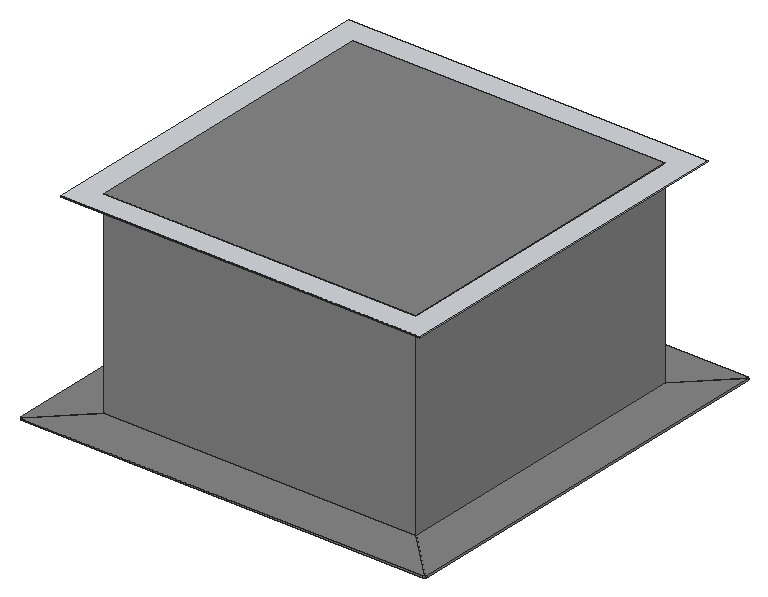
Revit family "НЕВАТОМ_Стакaн монтажный SMK_20240620", category Арматура воздуховодов, Revit 2019
Family settings
  Размер круглого соединителя = Использовать диаметр
  Тип детали = Присоединяется
  На основе рабочей плоскости = Нет
  Всегда вертикально = Да
  При загрузке вырезать с полостями = Нет
  Общий = Нет
Parameters (values of type "SMK-090")
  Сравнение материалов = if(НЕВАТОМ_Материал_Оцинкованная сталь, 0 mm, 1 mm)  # 0 mm
  НЕВАТОМ_Материал_Оцинкованная сталь = yes
  НЕВАТОМ_Материал_Нержавеющая сталь = and(not(НЕВАТОМ_Материал_Оцинкованная сталь))  # no
  НЕВАТОМ_Исполнение по конструкции = 0 mm
  НЕВАТОМ_Исполнение по комплектующим = 0 mm
  Материал = Оцинкованная сталь
  Ключевая пометка = "Вентиляция"
  КСИ = ""
  Nevatom_URL = "https://t.me/NEVATOM_Bim_bot"
  L2 = 1177 mm
  L1 = 1021 mm
  L = 1005 mm
  H = 649 mm
  D = 900 mm
  B = 1331 mm
  ADSK_Размер_Ширина = B  # 1331 mm
  ADSK_Размер_Длина = B  # 1331 mm
  ADSK_Размер_Высота = H  # 649 mm
  ADSK_Примечание = ""
  ADSK_Позиция = ""
  ADSK_Наименование = "Стакан монтажный"  # constant formula
  ADSK_Материал наименование = "Оцинкованная сталь"  # constant formula
  ADSK_Масса_Текст = "87.0 кг"
  ADSK_Масса = 87
  ADSK_Марка = size_lookup("SMKv20062024", "", "нет в каталоге", D, НЕВАТОМ_Исполнение по конструкции, НЕВАТОМ_Исполнение по комплектующим, Сравнение материалов)  # "SMK-090-000-0-0"
  ADSK_Количество = 1  # constant formula
  ADSK_Код изделия = ""
  ADSK_Завод-изготовитель = "НЕВАТОМ"  # constant formula
  ADSK_Единица измерения = "шт."  # constant formula
  A = 921 mm
Types (12, lengths in mm): name | Сравнение материалов | НЕВАТОМ_Материал_Оцинкованная сталь | НЕВАТОМ_Материал_Нержавеющая сталь | НЕВАТОМ_Исполнение по конструкции | НЕВАТОМ_Исполнение по комплектующим | L2 | L1 | L | H | D | B | ADSK_Размер_Ширина | ADSK_Размер_Длина | ADSK_Размер_Высота | ADSK_Масса_Текст | ADSK_Масса | ADSK_Марка | A
  SMK-031 | 0 | yes | no | 2 | 3 | 602 | 500 | 440 | 649 | 315 | 800 | 800 | 800 | 649 | "40.0 кг" | 40 | "SMK-031-023-0-0" | 400
  SMK-125 | 0 | yes | no | 2 | 0 | 1698 | 1535 | 1550 | 676 | 1250 | 1845 | 1845 | 1845 | 676 | "136.0 кг" | 136 | "SMK-125-020-0-0" | 1435
  SMK-040 | 0 | yes | no | 0 | 0 | 675 | 570 | 530 | 649 | 400 | 868 | 868 | 868 | 649 | "43.0 кг" | 43 | "SMK-040-000-0-0" | 470
  SMK-050 | 0 | yes | no | 0 | 0 | 795 | 690 | 630 | 649 | 500 | 1000 | 1000 | 1000 | 649 | "53.0 кг" | 53 | "SMK-050-000-0-0" | 590
  SMK-063 | 0 | yes | no | 0 | 0 | 915 | 815 | 755 | 649 | 630 | 1125 | 1125 | 1125 | 649 | "66.0 кг" | 66 | "SMK-063-000-0-0" | 715
  SMK-080 | 0 | yes | no | 0 | 0 | 1177 | 1021 | 1005 | 649 | 800 | 1331 | 1331 | 1331 | 649 | "87.0 кг" | 87 | "SMK-080-000-0-0" | 921
  SMK-100 | 0 | yes | no | 0 | 0 | 1463 | 1305 | 1280 | 649 | 1000 | 1615 | 1615 | 1615 | 649 | "103.0 кг" | 103 | "SMK-100-000-0-0" | 1205
  SMK-035 | 1 | no | yes | 3 | 4 | 605 | 500 | 480 | 649 | 355 | 800 | 800 | 800 | 649 | "39.0 кг" | 39 | "SMK-035-034-1-0" | 400
  SMK-045 | 0 | yes | no | 0 | 0 | 675 | 570 | 580 | 649 | 450 | 868 | 868 | 868 | 649 | "42.0 кг" | 42 | "SMK-045-000-0-0" | 470
  SMK-071 | 0 | yes | no | 0 | 0 | 915 | 815 | 840 | 649 | 710 | 1125 | 1125 | 1125 | 649 | "65.0 кг" | 65 | "SMK-071-000-0-0" | 715
  SMK-056 | 0 | yes | no | 0 | 0 | 795 | 690 | 690 | 649 | 560 | 1000 | 1000 | 1000 | 649 | "52.0 кг" | 52 | "SMK-056-000-0-0" | 590
  SMK-090 | 0 | yes | no | 0 | 0 | 1177 | 1021 | 1005 | 649 | 900 | 1331 | 1331 | 1331 | 649 | "87.0 кг" | 87 | "SMK-090-000-0-0" | 921
Reference planes
  plane 1 "По центру (Вперед/Назад)": y = 0
  plane 2: z = 0
  plane 3 "По центру (Влево/Вправо)": x = 0
  plane 4: x = -665.5
  plane 5: x = 665.5
  plane 6: y = 665.5
  plane 7: y = -665.5
  plane 8: z = 5
  plane 9: x = -510.5
  plane 10: x = 510.5
  plane 11: y = 510.5
  plane 12: y = -510.5
  plane 13: z = 649
Forms (mm)
  Extrusion 1, void, not visible
    sketch origin (-345, -245, 50) x (0, -1, 0) y (0, 0, -1)
      loop
        line (-477.965, -475) -> (-477.965, -450) -> (-528.913, -450) -> (-528.913, -475) -> (-477.965, -475)
    from -47.452 to 12
  Extrusion 2, solid, material "Оцинкованная сталь" <- "Материал", detail levels medium+fine
    sketch origin (0, 0, 0) x (1, 0, 0) y (0, 1, 0)
      loop
        arc (-665.5, -658.257) -> (-663.648, -661.029) -> (-660.379, -660.379) r 3
        line (-660.379, -660.379) -> (-510.5, -510.5) -> (-510.5, 510.5) -> (-660.379, 660.379)
        arc (-660.379, 660.379) -> (-663.648, 661.029) -> (-665.5, 658.257) r 3
        line (-665.5, 658.257) -> (-665.5, -658.257)
    from 0 to 5
  Extrusion 3, solid, material "Оцинкованная сталь" <- "Материал", detail levels medium+fine
    sketch origin (0, 0, 0) x (1, 0, 0) y (0, 1, 0)
      loop
        line (-510.5, 510.5) -> (-510.5, -510.5) -> (510.5, -510.5) -> (510.5, 510.5) -> (-510.5, 510.5)
    from 0 to 649
  Extrusion 4, solid, material "Оцинкованная сталь" <- "Материал", detail levels medium+fine
    sketch origin (0, 0, 0) x (1, 0, 0) y (0, 1, 0)
      loop
        line (658.257, 665.5) -> (-658.257, 665.5)
        arc (-658.257, 665.5) -> (-661.029, 663.648) -> (-660.379, 660.379) r 3
        line (-660.379, 660.379) -> (-510.5, 510.5) -> (510.5, 510.5) -> (660.379, 660.379)
        arc (660.379, 660.379) -> (661.029, 663.648) -> (658.257, 665.5) r 3
    from 0 to 5
  Extrusion 5, solid, material "Оцинкованная сталь" <- "Материал", detail levels medium+fine
    sketch origin (0, 0, 0) x (1, 0, 0) y (0, 1, 0)
      loop
        line (665.5, -658.257) -> (665.5, 658.257)
        arc (665.5, 658.257) -> (663.648, 661.029) -> (660.379, 660.379) r 3
        line (660.379, 660.379) -> (510.5, 510.5) -> (510.5, -510.5) -> (660.379, -660.379)
        arc (660.379, -660.379) -> (663.648, -661.029) -> (665.5, -658.257) r 3
    from 0 to 5
  Extrusion 6, solid, material "Оцинкованная сталь" <- "Материал", detail levels medium+fine
    sketch origin (0, 0, 0) x (1, 0, 0) y (0, 1, 0)
      loop
        line (-658.257, -665.5) -> (658.257, -665.5)
        arc (658.257, -665.5) -> (661.029, -663.648) -> (660.379, -660.379) r 3
        line (660.379, -660.379) -> (510.5, -510.5) -> (-510.5, -510.5) -> (-660.379, -660.379)
        arc (-660.379, -660.379) -> (-661.029, -663.648) -> (-658.257, -665.5) r 3
    from 0 to 5
  Extrusion 7, solid, detail levels medium+fine
    sketch origin (0, 0, 0) x (1, 0, 0) y (0, 1, 0)
      loop
        line (-588.5, 588.5) -> (-588.5, -588.5) -> (588.5, -588.5) -> (588.5, 588.5) -> (-588.5, 588.5)
    from 646.175 to 649
Lines and regions (mm)
  model lines, not visible, detail levels coarse
    curve 1: circle (0, 0, 0) r 135 normal (0, 0, 1)
    curve 2: line (-135, 0, 0) -> (43.681, 127.738, 0)
    curve 3: line (-135, 0, 0) -> (43.681, -127.738, 0)
    curve 4: line (43.681, 127.738, 0) -> (43.681, -127.738, 0)
  model lines, not visible, detail levels medium
    curve 5: circle (0, 0, 0) r 90 normal (0, -1, 0)
    curve 6: line (-90, 0, 0) -> (39.046, 0, 81.089)
    curve 7: line (-90, 0, 0) -> (39.046, 0, -81.089)
    curve 8: line (39.046, 0, 81.089) -> (39.046, 0, -81.089)
Dimensions and locks
  equal spacing: plane 4, plane 3 "По центру (Влево/Вправо)", plane 5
  "B": plane 4 to plane 5
  equal spacing: plane 6, plane 1 "По центру (Вперед/Назад)", plane 7
  "B": plane 6 to plane 7
  locked: plane 8 to level at 5
  equal spacing: plane 11, plane 1 "По центру (Вперед/Назад)", plane 12
  "L1": plane 11 to plane 12
  equal spacing: plane 9, plane 3 "По центру (Влево/Вправо)", plane 10
  "L1": plane 9 to plane 10
  "H": plane 13 to level
  equal spacing: Extrusion 7 sketch curve, plane 3 "По центру (Влево/Вправо)", Extrusion 7 sketch curve
  "L2": Extrusion 7 sketch curve to Extrusion 7 sketch curve  (x2)
  equal spacing: Extrusion 7 sketch curve, plane 1 "По центру (Вперед/Назад)", Extrusion 7 sketch curve
  locked: plane 13 to Extrusion 7 at 2.825
  aligned and locked: level to plane 2
  aligned and locked: Extrusion 2 sketch curve to plane 4
  aligned and locked: Extrusion 2 to level
  aligned and locked: plane 8 to Extrusion 2
  aligned and locked: Extrusion 3 sketch curve to plane 11
  aligned and locked: plane 9 to Extrusion 3 sketch curve
  aligned and locked: plane 12 to Extrusion 3 sketch curve
  aligned and locked: plane 10 to Extrusion 3 sketch curve
  aligned and locked: plane 13 to Extrusion 3
  aligned and locked: plane 6 to Extrusion 4 sketch curve
  aligned and locked: plane 5 to Extrusion 5 sketch curve
  aligned and locked: Extrusion 6 sketch curve to plane 7
  aligned and locked: Extrusion 6 to level
  aligned and locked: Extrusion 6 to Extrusion 2
  aligned and locked: Extrusion 5 to level
  aligned and locked: Extrusion 5 to Extrusion 2
  aligned and locked: Extrusion 4 to level
  aligned and locked: Extrusion 4 to Extrusion 2
  aligned and locked: Extrusion 3 to level
  aligned and locked: Extrusion 4 sketch curve to Extrusion 3
  aligned and locked: Extrusion 6 sketch curve to Extrusion 3
  aligned and locked: Extrusion 5 sketch curve to Extrusion 3
  aligned and locked: Extrusion 2 sketch curve to Extrusion 3
  aligned and locked: Extrusion 7 to Extrusion 3
  aligned and locked: plane 3 "По центру (Влево/Вправо)" to nested 2
  aligned and locked: nested 2 to level
Automatic sketch dimensions
  Extrusion 4 sketch curve to plane 9 = 0 mm
  Extrusion 4 sketch curve to plane 6 = 3 mm  (x2)
  Extrusion 4 sketch curve to Extrusion 4 sketch curve = 2.121 mm  (x2)
  Extrusion 4 sketch curve to plane 4 = 7.243 mm
  Extrusion 4 sketch curve to plane 5 = 7.243 mm
  Extrusion 4 sketch curve to plane 10 = 0 mm
  Extrusion 6 sketch curve to plane 10 = 0 mm
  Extrusion 6 sketch curve to plane 4 = 7.243 mm
  Extrusion 6 sketch curve to Extrusion 6 sketch curve = 2.121 mm  (x2)
  plane 7 to Extrusion 6 sketch curve = 3 mm
  Extrusion 6 sketch curve to Extrusion 6 sketch curve = 3 mm
  Extrusion 6 sketch curve to plane 5 = 7.243 mm
  Extrusion 6 sketch curve to plane 9 = 0 mm
  Extrusion 5 sketch curve to plane 12 = 0 mm
  Extrusion 5 sketch curve to plane 5 = 5.121 mm  (x2)
  Extrusion 5 sketch curve to Extrusion 5 sketch curve = 3 mm
  Extrusion 5 sketch curve to Extrusion 5 sketch curve = 2.121 mm
  Extrusion 5 sketch curve to plane 6 = 7.243 mm
  plane 7 to Extrusion 5 sketch curve = 7.243 mm
  Extrusion 5 sketch curve to plane 11 = 0 mm
  Extrusion 2 sketch curve to plane 11 = 0 mm
  Extrusion 2 sketch curve to plane 4 = 3 mm  (x2)
  Extrusion 2 sketch curve to Extrusion 2 sketch curve = 2.121 mm  (x2)
  Extrusion 2 sketch curve to Extrusion 2 sketch curve = 0 mm
  Extrusion 2 sketch curve to plane 6 = 7.243 mm
  plane 7 to Extrusion 2 sketch curve = 7.243 mm
  Extrusion 2 sketch curve to plane 12 = 0 mm
Nested families
  nested 1: "крепление 15мм" at (-330, 229.965, 495), type "крепление 15мм", not visible
  nested 2: "НЕВАТОМ_УГО_Стакан" at (0, 0, 206.014), B <- "L1", Н <- "H", type "НЕВАТОМ_УГО_Стакан", detail levels coarse
    with Н 649 mm, B 1021 mm
Connectors
  hvac at (0, 0, 649), driven by "D"
    settings: on Extrusion 3, index 1, duct flow 0.0 L/s, flow factor 0, pres drop 0.0 Pa, loss coef 0, conn angle 0.00°, conn width 304.8 mm, conn height 304.8 mm, conn diameter 900 mm, duct sys type 28, conn prof type 0, flow config 0, flow direction 0, loss method 0, conn ref index 2, conn util no, is conn primary yes, conn desc ""
  hvac at (0, 0, 0), driven by "D"
    settings: on Extrusion 3, index 2, duct flow 0.0 L/s, flow factor 0, pres drop 0.0 Pa, loss coef 0, conn angle 0.00°, conn width 304.8 mm, conn height 304.8 mm, conn diameter 900 mm, duct sys type 28, conn prof type 0, flow config 0, flow direction 0, loss method 0, conn ref index 1, conn util no, is conn primary no, conn desc ""
Definition of nested family "крепление 15мм"
  Parameters (values of type "крепление 15мм")
    Материал крепления = none
  Reference planes
    plane 1 "По центру (Вперед/Назад)": y = 0
    plane 2: z = 0
    plane 3 "По центру (Влево/Вправо)": x = 0
  Forms (mm)
    Extrusion 1, solid, material <- "Материал крепления"
      sketch origin (0, 0, 0) x (1, 0, 0) y (0, 1, 0)
        loop
          line (-25, 0) -> (0, 0) -> (0, 18.31) -> (0, 25) -> (-3, 25) -> (-3, 3) -> (-25, 3) -> (-25, 0)
      from 0 to 30
    Extrusion 2, void
      sketch origin (0, 0, 0) x (1, 0, 0) y (0, 1, 0)
        loop
          line (-3, 3) -> (-3, 54.96) -> (-58, 54.96) -> (-58, 3) -> (-3, 3)
      from 0 to 15
  Cuts and joins
    Extrusion 2 cuts Extrusion 1
  Dimensions and locks
    Extrusion 1 sketch curve to Extrusion 1 sketch curve = 3 mm  (x2)
    Extrusion 1 sketch curve to Extrusion 1 sketch curve to plane 3 "По центру (Влево/Вправо)" = 25 mm, 0 mm
    Extrusion 1 sketch curve to Extrusion 1 sketch curve = 25 mm
    aligned and locked: level to plane 2
Definition of nested family "НЕВАТОМ_УГО_Стакан"
  Parameters (values of type "НЕВАТОМ_УГО_Стакан")
    Default Elevation = 1219.2 mm
    Н [instance] = 736.972 mm
    B [instance] = 500 mm
  Reference planes
    plane 1 "По центру (Вперед/Назад)": y = 0
    plane 2: z = 118.486
    plane 3 "По центру (Влево/Вправо)": x = 0
    plane 4: x = -250
    plane 5: x = 250
    plane 6: z = -250
    plane 7: z = 486.972
  Forms (mm)
    Extrusion 1, solid
      sketch origin (0, 0, 0) x (1, 0, 0) y (0, 0, 1)
        loop
          line (-250, 486.972) -> (-250, -250) -> (250, -250) -> (250, 486.972) -> (-250, 486.972)
      from 0 to 4.361
  Dimensions and locks
    equal spacing: plane 7, level, plane 6
    equal spacing: plane 5, plane 3 "По центру (Влево/Вправо)", plane 4
    "B": plane 5 to plane 4
    "Н": plane 7 to plane 6
    locked: Extrusion 1 to Extrusion 1 at 4.361
    aligned and locked: level to plane 2
    aligned and locked: Extrusion 1 sketch curve to plane 5
    aligned and locked: plane 6 to Extrusion 1 sketch curve
    aligned and locked: plane 4 to Extrusion 1 sketch curve
    aligned and locked: Extrusion 1 sketch curve to plane 7
